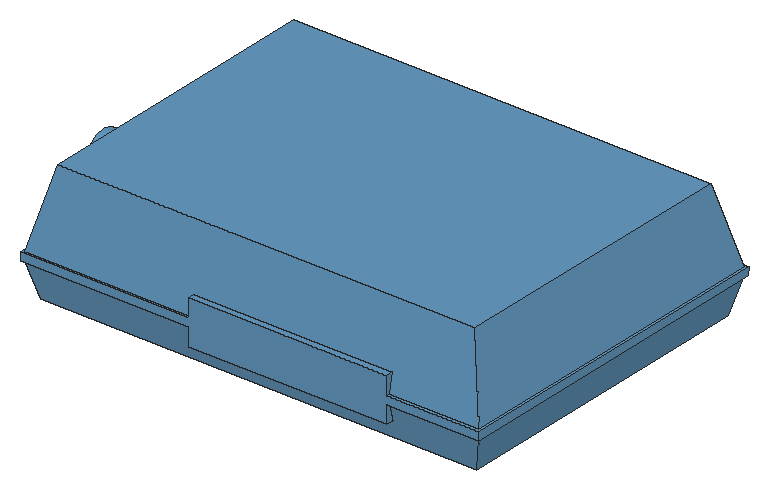
Revit family "Electrical_Equipment-Bridge_Module-HCS-NXHNB_Series", category Data Devices, host Face, Revit 2014
Parameters (values of type "NXHNB")
  Electrical Rating Input = "50mA @12/24 volts DC, supplied by room controller SmartPort"  # constant formula
  Warranty = "Five-year limited"  # constant formula
  Voltage = 24 V
  URL = "https://www.hubbell.com/hubbellcontrolsolutions/en/"
  Type Comments = "Data Devices"  # constant formula
  Network = "HubbNET, Ethernet IEEE803i, 10BASE-T, PoE Mode B"  # constant formula
  Product Page URL = "https://www.hubbell.com/hubbellcontrolsolutions/en/Products/Lighting-Controls/Lighting-Controls-Sensors/NX-Distributed-Intelligence-Lighting-Controls/NX-Network-Bridge-Module/p/220941"
  Product Documentation Link = "https://hubbellcdn.com/specsheet/3453A_NX_Network_Bridge_Module.pdf"
  Power Factor = 1
  Operating Temperature = "0° to 40°"  # constant formula
  Relative humidity = "0 to 95%"  # constant formula
  Model = "NXHNB Series"  # constant formula
  Manufacturer = "Hubbell Control Solutions"  # constant formula
  Load Classification = Other
  Keynote = ""
  Construction Housing = "GSM UL Rated 94 HB Plastic; Plenum rated Complies with requirements for use in plenum"  # constant formula
  Device Material = Hubbell - Blue
  Description = "Network Bridge Module"  # constant formula
  Default Elevation = 48.00"
  DC adjustment range = "Rated output voltage: +/-10%"  # constant formula
  Create Date = "04/17/2018"  # constant formula
  Copyright = "Copyright © Hubbell Control Solutions"  # constant formula
  Contact Us = "https://www.hubbell.com/hubbellcontrolsolutions/en/contactUs?productId=220945"
  Connector Description 2 = "Communication"  # constant formula
  Connector Description 1 = "Power Supply"  # constant formula
  Certifications = "Title 24, c UL us"  # constant formula
  Assembly Code = "D50"
  Apparent Load = 0.000 VA
  Mounting = "Mounts directly to a junction box through an extended 1/2” chase nipple, mechanical only, no electrical connection"  # constant formula
Reference planes (in)
  plane 1 "Center (Front/Back)": y = 0
  plane 2 "Bottom": z = 0
  plane 3 "Center (Left/Right)": x = 0
  plane 4: z = 1.37
  plane 5: y = 1.925
  plane 6: y = -1.925
  plane 7: x = -2.625
  plane 8: x = 2.625
  plane 9: y = 0.25
  plane 10: y = -0.25
  plane 11: x = -3.215
  plane 12: z = 0.7
  plane 13: z = 0.45
  plane 14: z = 0.2
  plane 15: x = 1.56779
  plane 16: x = -0.69783
Forms (in)
  Extrusion 1, solid, material "Hubbell - Blue" <- "Device Material"
    sketch origin (0, 0, 0.09375) x (0, -1, 0) y (1, 0, 0)
      loop
        line (-1.925, -2.625) -> (1.925, -2.625) -> (1.925, 2.625) -> (-1.925, 2.625) -> (-1.925, -2.625)
    from -0.09375 to 1.27625
  Sweep 2, void
    path origin (0, 0, 0.09375) x (0, -1, 0) y (1, 0, 0)
      loop
        line (-1.925, -2.625) -> (1.925, -2.625) -> (1.925, 2.625) -> (-1.925, 2.625) -> (-1.925, -2.625)
    profile origin (-2.625, 0, 0.09375) x (-1, 0, 0) y (0, 0, 1)
      loop
        line (-0.031, 0.40198) -> (0, 0.40198) -> (0, 1.27625) -> (-0.23754, 1.27625) -> (-0.031, 0.40198)
      loop
        line (-0.031, 0.31052) -> (-0.13254, -0.09375) -> (0, -0.09375) -> (0, 0.31052) -> (-0.031, 0.31052)
  Extrusion 3, solid, material "Hubbell - Blue" <- "Device Material"
    sketch origin (0, 0, 0) x (1, 0, 0) y (0, 0, 1)
      loop
        line (-0.69783, 0.7) -> (-0.69783, 0.2) -> (1.56779, 0.2) -> (1.56779, 0.7) -> (-0.69783, 0.7)
    from 1.68746 to 1.925
  Extrusion 4, solid, material "Hubbell - Blue" <- "Device Material"
    sketch origin (0, 0, 0) x (0, 1, 0) y (0, 0, 1)
      loop
        circle (0, 0.45) r 0.25
    from -3.215 to -2.38746
Cuts and joins
  Sweep 2 cuts Extrusion 1
  joined: Extrusion 1, Extrusion 3, Extrusion 4
Lines and regions (in)
  model lines
    curve 1: line (1.02868, -1.925, 0.58895) -> (1.02868, -1.925, 0.2601)
    curve 2: line (1.02868, -1.925, 0.2601) -> (1.52217, -1.925, 0.2601)
    curve 3: line (1.52217, -1.925, 0.2601) -> (1.52217, -1.925, 0.58895)
    curve 4: line (1.52217, -1.925, 0.58895) -> (1.44865, -1.925, 0.58895)
    curve 5: line (1.44865, -1.925, 0.62853) -> (1.42533, -1.925, 0.62853)
    curve 6: line (1.42533, -1.925, 0.62853) -> (1.42533, -1.925, 0.65059)
    curve 7: line (1.42533, -1.925, 0.65059) -> (1.12553, -1.925, 0.65059)
    curve 8: line (1.02868, -1.925, 0.58895) -> (1.10221, -1.925, 0.58895)
    curve 9: line (1.10221, -1.925, 0.58895) -> (1.10221, -1.925, 0.62853)
    curve 10: line (1.10221, -1.925, 0.62853) -> (1.12553, -1.925, 0.62853)
    curve 11: line (1.12553, -1.925, 0.62853) -> (1.12553, -1.925, 0.65059)
    curve 12: line (1.44865, -1.925, 0.58895) -> (1.44865, -1.925, 0.62853)
    curve 13: line (0.95912, -1.925, 0.58895) -> (0.95912, -1.925, 0.2601)
    curve 14: line (0.95912, -1.925, 0.2601) -> (0.46563, -1.925, 0.2601)
    curve 15: line (0.46563, -1.925, 0.2601) -> (0.46563, -1.925, 0.58895)
    curve 16: line (0.46563, -1.925, 0.58895) -> (0.53916, -1.925, 0.58895)
    curve 17: line (0.53916, -1.925, 0.62853) -> (0.56248, -1.925, 0.62853)
    curve 18: line (0.56248, -1.925, 0.62853) -> (0.56248, -1.925, 0.65059)
    curve 19: line (0.56248, -1.925, 0.65059) -> (0.86227, -1.925, 0.65059)
    curve 20: line (0.95912, -1.925, 0.58895) -> (0.88559, -1.925, 0.58895)
    curve 21: line (0.88559, -1.925, 0.58895) -> (0.88559, -1.925, 0.62853)
    curve 22: line (0.88559, -1.925, 0.62853) -> (0.86227, -1.925, 0.62853)
    curve 23: line (0.86227, -1.925, 0.62853) -> (0.86227, -1.925, 0.65059)
    curve 24: line (0.53916, -1.925, 0.58895) -> (0.53916, -1.925, 0.62853)
    curve 25: line (0.39607, -1.925, 0.58895) -> (0.39607, -1.925, 0.2601)
    curve 26: line (0.39607, -1.925, 0.2601) -> (-0.09742, -1.925, 0.2601)
    curve 27: line (-0.09742, -1.925, 0.2601) -> (-0.09742, -1.925, 0.58895)
    curve 28: line (-0.09742, -1.925, 0.58895) -> (-0.0239, -1.925, 0.58895)
    curve 29: line (-0.0239, -1.925, 0.62853) -> (-0.00058, -1.925, 0.62853)
    curve 30: line (-0.00058, -1.925, 0.62853) -> (-0.00058, -1.925, 0.65059)
    curve 31: line (-0.00058, -1.925, 0.65059) -> (0.29922, -1.925, 0.65059)
    curve 32: line (0.39607, -1.925, 0.58895) -> (0.32254, -1.925, 0.58895)
    curve 33: line (0.32254, -1.925, 0.58895) -> (0.32254, -1.925, 0.62853)
    curve 34: line (0.32254, -1.925, 0.62853) -> (0.29922, -1.925, 0.62853)
    curve 35: line (0.29922, -1.925, 0.62853) -> (0.29922, -1.925, 0.65059)
    curve 36: line (-0.0239, -1.925, 0.58895) -> (-0.0239, -1.925, 0.62853)
    curve 37: line (-0.66048, -1.925, 0.58895) -> (-0.66048, -1.925, 0.2601)
    curve 38: line (-0.66048, -1.925, 0.2601) -> (-0.16699, -1.925, 0.2601)
    curve 39: line (-0.16699, -1.925, 0.2601) -> (-0.16699, -1.925, 0.58895)
    curve 40: line (-0.16699, -1.925, 0.58895) -> (-0.24051, -1.925, 0.58895)
    curve 41: line (-0.24051, -1.925, 0.62853) -> (-0.26383, -1.925, 0.62853)
    curve 42: line (-0.26383, -1.925, 0.62853) -> (-0.26383, -1.925, 0.65059)
    curve 43: line (-0.26383, -1.925, 0.65059) -> (-0.56363, -1.925, 0.65059)
    curve 44: line (-0.66048, -1.925, 0.58895) -> (-0.58695, -1.925, 0.58895)
    curve 45: line (-0.58695, -1.925, 0.58895) -> (-0.58695, -1.925, 0.62853)
    curve 46: line (-0.58695, -1.925, 0.62853) -> (-0.56363, -1.925, 0.62853)
    curve 47: line (-0.56363, -1.925, 0.62853) -> (-0.56363, -1.925, 0.65059)
    curve 48: line (-0.24051, -1.925, 0.58895) -> (-0.24051, -1.925, 0.62853)
    curve 49: line (2.1875, 1.68746, 1.37) -> (2.1875, -1.68746, 1.37)
    curve 50: line (2.14989, 1.68746, 1.37) -> (2.14989, -1.68746, 1.37)
    curve 51: line (2.02451, 1.68746, 1.37) -> (2.02451, -1.68746, 1.37)
    curve 52: line (1.9869, 1.68746, 1.37) -> (1.9869, -1.68746, 1.37)
    curve 53: line (1.86152, 1.68746, 1.37) -> (1.86152, -1.68746, 1.37)
    curve 54: line (1.82391, 1.68746, 1.37) -> (1.82391, -1.68746, 1.37)
    curve 55: line (1.69853, 1.68746, 1.37) -> (1.69853, -1.68746, 1.37)
    curve 56: line (1.66092, 1.68746, 1.37) -> (1.66092, -1.68746, 1.37)
    curve 57: line (2.1875, 1.79246, 0) -> (2.1875, -1.79246, 0)
    curve 58: line (2.14989, 1.79246, 0) -> (2.14989, -1.79246, 0)
    curve 59: line (2.02451, 1.79246, 0) -> (2.02451, -1.79246, 0)
    curve 60: line (1.9869, 1.79246, 0) -> (1.9869, -1.79246, 0)
    curve 61: line (1.86152, 1.79246, 0) -> (1.86152, -1.79246, 0)
    curve 62: line (1.82391, 1.79246, 0) -> (1.82391, -1.79246, 0)
    curve 63: line (1.69853, 1.79246, 0) -> (1.69853, -1.79246, 0)
    curve 64: line (1.66092, 1.79246, 0) -> (1.66092, -1.79246, 0)
    curve 65: line (2.1875, -1.68746, 1.37) -> (2.1875, -1.894, 0.49573)
    curve 66: line (2.14989, -1.68746, 1.37) -> (2.14989, -1.894, 0.49573)
    curve 67: line (2.02451, -1.68746, 1.37) -> (2.02451, -1.894, 0.49573)
    curve 68: line (1.9869, -1.68746, 1.37) -> (1.9869, -1.894, 0.49573)
    curve 69: line (1.86152, -1.68746, 1.37) -> (1.86152, -1.894, 0.49573)
    curve 70: line (1.82391, -1.68746, 1.37) -> (1.82391, -1.894, 0.49573)
    curve 71: line (1.69853, -1.68746, 1.37) -> (1.69853, -1.894, 0.49573)
    curve 72: line (1.66092, -1.68746, 1.37) -> (1.66092, -1.894, 0.49573)
    curve 73: line (2.1875, -1.79246, 0) -> (2.1875, -1.894, 0.40427)
    curve 74: line (2.14989, -1.79246, 0) -> (2.14989, -1.894, 0.40427)
    curve 75: line (2.02451, -1.79246, 0) -> (2.02451, -1.894, 0.40427)
    curve 76: line (1.9869, -1.79246, 0) -> (1.9869, -1.894, 0.40427)
    curve 77: line (1.86152, -1.79246, 0) -> (1.86152, -1.894, 0.40427)
    curve 78: line (1.82391, -1.79246, 0) -> (1.82391, -1.894, 0.40427)
    curve 79: line (1.69853, -1.79246, 0) -> (1.69853, -1.894, 0.40427)
    curve 80: line (1.66092, -1.79246, 0) -> (1.66092, -1.894, 0.40427)
    curve 81: line (2.1875, 1.68746, 1.37) -> (2.1875, 1.894, 0.49573)
    curve 82: line (2.14989, 1.68746, 1.37) -> (2.14989, 1.894, 0.49573)
    curve 83: line (2.02451, 1.68746, 1.37) -> (2.02451, 1.894, 0.49573)
    curve 84: line (1.9869, 1.68746, 1.37) -> (1.9869, 1.894, 0.49573)
    curve 85: line (1.86152, 1.68746, 1.37) -> (1.86152, 1.894, 0.49573)
    curve 86: line (1.82391, 1.68746, 1.37) -> (1.82391, 1.894, 0.49573)
    curve 87: line (1.69853, 1.68746, 1.37) -> (1.69853, 1.894, 0.49573)
    curve 88: line (1.66092, 1.68746, 1.37) -> (1.66092, 1.894, 0.49573)
    curve 89: line (2.1875, 1.79246, 0) -> (2.1875, 1.894, 0.40427)
    curve 90: line (2.14989, 1.79246, 0) -> (2.14989, 1.894, 0.40427)
    curve 91: line (2.02451, 1.79246, 0) -> (2.02451, 1.894, 0.40427)
    curve 92: line (1.9869, 1.79246, 0) -> (1.9869, 1.894, 0.40427)
    curve 93: line (1.86152, 1.79246, 0) -> (1.86152, 1.894, 0.40427)
    curve 94: line (1.82391, 1.79246, 0) -> (1.82391, 1.894, 0.40427)
    curve 95: line (1.69853, 1.79246, 0) -> (1.69853, 1.894, 0.40427)
    curve 96: line (1.66092, 1.79246, 0) -> (1.66092, 1.894, 0.40427)
Dimensions and locks (in)
  equal spacing: plane 7, plane 3 "Center (Left/Right)", plane 8, locked at 2.625 each
  equal spacing: plane 10, plane 1 "Center (Front/Back)", plane 9
  equal spacing: plane 5, plane 1 "Center (Front/Back)", plane 6
  plane 4 to plane 2 "Bottom" = 1.37"
  locked: plane 7 to plane 8 at 5.25
  locked: plane 6 to plane 5 at 3.85
  locked: plane 9 to plane 10 at 0.5
  locked: plane 11 to plane 8 at 5.84
  equal spacing: plane 12, plane 13, plane 14, locked at 0.25 each
  locked: plane 4 to plane 2 "Bottom" at 1.37
  aligned and locked: plane 2 "Bottom" to host face
  aligned and locked: level to host face
  aligned and locked: Extrusion 1 sketch curve to plane 7
  aligned and locked: Extrusion 1 sketch curve to plane 6
  aligned and locked: Extrusion 1 sketch curve to plane 8
  aligned and locked: Extrusion 1 sketch curve to plane 5
  aligned and locked: Extrusion 1 to plane 2 "Bottom"
  aligned and locked: plane 4 to Extrusion 1
  aligned and locked: Sweep 2 sketch curve to Extrusion 1  (x4)
  aligned and locked: Extrusion 3 sketch curve to plane 12
  aligned and locked: plane 14 to Extrusion 3 sketch curve
  aligned and locked: plane 15 to Extrusion 3 sketch curve
  aligned and locked: plane 6 to Extrusion 3
  aligned and locked: plane 16 to Extrusion 3 sketch curve
  aligned and locked: plane 1 "Center (Front/Back)" to Extrusion 4 sketch curve
  aligned and locked: plane 13 to Extrusion 4 sketch curve
  aligned and locked: plane 11 to Extrusion 4
  aligned and locked: Sweep 2 to Extrusion 4
  aligned and locked: Sweep 2 to Extrusion 3
Automatic sketch dimensions
  host sketch curve to host sketch curve = 96.00"  (x2)
  Sweep 2 sketch curve to profile plane = 0.00"  (x2)
  Sweep 2 sketch curve to Sweep 2 sketch curve = 0.031"  (x2)
  Sweep 2 sketch curve to Sweep 2 sketch curve = 0.13254"
  Sweep 2 sketch curve to Sweep 2 sketch curve = 0.23754"
  Sweep 2 sketch curve to profile plane = 0.09375"
  profile plane to Sweep 2 sketch curve = 0.31052"
  Sweep 2 sketch curve to Sweep 2 sketch curve = 0.09145"
  Sweep 2 sketch curve to Sweep 2 sketch curve = 0.87427"
  curve 4 to Extrusion 1 = 1.10283"
  curve 3 to curve 12 = 0.07353"
  curve 5 to curve 7 = 0.02332"
  curve 6 to curve 7 = 0.2998"
  curve 10 to curve 9 = 0.02332"
  curve 8 to curve 8 = 0.07353"
  curve 1 to curve 13 = 0.06956"
  curve 13 to curve 20 = 0.07353"
  curve 21 to curve 23 = 0.02332"
  curve 19 to curve 18 = 0.2998"
  curve 17 to curve 16 = 0.02332"
  curve 16 to curve 15 = 0.07353"
  curve 15 to curve 25 = 0.06956"
  curve 25 to curve 34 = 0.07353"
  curve 33 to curve 35 = 0.02332"
  curve 34 to curve 30 = 0.2998"
  curve 29 to curve 28 = 0.02332"
  curve 28 to curve 28 = 0.07353"
  curve 27 to curve 39 = 0.06956"
  curve 39 to curve 48 = 0.07353"
  curve 41 to curve 41 = 0.02332"
  curve 42 to curve 47 = 0.2998"
  curve 46 to curve 44 = 0.02332"
  curve 44 to curve 44 = 0.07353"
  Extrusion 1 to curve 43 = 0.65059"
  Extrusion 1 to curve 19 = 0.65059"
  curve 35 to curve 18 = 0.00"
  curve 6 to curve 19 = 0.00"
  curve 31 to curve 34 = 0.02206"
  curve 7 to curve 9 = 0.02206"
  curve 6 to curve 6 = 0.02206"
  curve 43 to curve 46 = 0.02206"
  curve 30 to curve 30 = 0.02206"
  curve 18 to curve 17 = 0.02206"
  curve 42 to curve 42 = 0.02206"
  curve 19 to curve 21 = 0.02206"
  curve 33 to curve 25 = 0.03958"
  curve 45 to curve 44 = 0.03958"
  curve 17 to curve 24 = 0.03958"
  curve 21 to curve 21 = 0.03958"
  curve 29 to curve 27 = 0.03958"
  curve 5 to curve 12 = 0.03958"
  curve 9 to curve 9 = 0.03958"
  curve 41 to curve 48 = 0.03958"
  Extrusion 1 to curve 38 = 0.2601"
  curve 27 to curve 38 = 0.00"
  curve 15 to curve 25 = 0.00"
  Extrusion 1 to curve 3 = 0.2601"
  curve 49 to Extrusion 1 = 0.23754"
  curve 56 to Extrusion 1 = 0.23754"
  curve 56 to Extrusion 1 = 0.96408"
  curve 50 to curve 49 = 0.00"  (x2)
  curve 56 to curve 55 = 0.00"  (x2)
  curve 51 to curve 50 = 0.00"  (x2)
  curve 55 to curve 54 = 0.00"  (x2)
  curve 52 to curve 51 = 0.00"  (x2)
  curve 54 to curve 53 = 0.00"  (x2)
  curve 53 to Extrusion 1 = 0.23754"
  curve 53 to curve 51 = 0.00"
  curve 56 to curve 55 = 0.03761"
  curve 55 to curve 54 = 0.12538"
  curve 54 to curve 53 = 0.03761"
  curve 53 to curve 52 = 0.12538"
  curve 52 to curve 51 = 0.03761"
  curve 51 to curve 50 = 0.12538"
  curve 50 to curve 49 = 0.03761"
  Extrusion 1 to curve 57 = 0.13254"
  Extrusion 1 to curve 64 = 0.13254"
  Extrusion 1 to curve 64 = 0.96408"
  curve 58 to curve 57 = 0.00"  (x2)
  curve 64 to curve 63 = 0.00"  (x2)
  curve 59 to curve 58 = 0.00"  (x2)
  curve 63 to curve 62 = 0.00"  (x2)
  curve 60 to curve 59 = 0.00"  (x2)
  curve 62 to curve 61 = 0.00"  (x2)
  Extrusion 1 to curve 61 = 0.13254"
  Extrusion 1 to curve 59 = 0.13254"
  curve 64 to curve 63 = 0.03761"
  curve 63 to curve 62 = 0.12538"
  curve 62 to curve 61 = 0.03761"
  curve 61 to curve 60 = 0.12538"
  curve 60 to curve 59 = 0.03761"
  curve 59 to curve 58 = 0.12538"
  curve 58 to curve 57 = 0.03761"
  curve 65 to plane 8 = 0.4375"
  curve 72 to curve 65 = 0.00"
  curve 66 to curve 65 = 0.00"  (x2)
  curve 72 to curve 71 = 0.00"  (x2)
  curve 67 to curve 66 = 0.00"  (x2)
  curve 71 to curve 70 = 0.00"  (x2)
  curve 68 to curve 67 = 0.00"  (x2)
  curve 70 to curve 69 = 0.00"  (x2)
  curve 69 to curve 69 = 0.89834"
  curve 69 to curve 67 = 0.00"
  curve 65 to curve 66 = 0.03761"
  curve 66 to curve 67 = 0.12538"
  curve 67 to curve 68 = 0.03761"
  curve 68 to curve 69 = 0.12538"
  curve 69 to curve 70 = 0.03761"
  curve 70 to curve 71 = 0.12538"
  curve 71 to curve 72 = 0.03761"
  curve 73 to plane 8 = 0.4375"
  curve 80 to curve 73 = 0.00"
  curve 74 to curve 73 = 0.00"  (x2)
  curve 80 to curve 79 = 0.00"  (x2)
  curve 75 to curve 74 = 0.00"  (x2)
  curve 79 to curve 78 = 0.00"  (x2)
  curve 76 to curve 75 = 0.00"  (x2)
  curve 78 to curve 77 = 0.00"  (x2)
  curve 77 to curve 77 = 0.41683"
  curve 77 to curve 75 = 0.00"
  curve 74 to curve 73 = 0.03761"
  curve 75 to curve 74 = 0.12538"
  curve 76 to curve 75 = 0.03761"
  curve 77 to curve 76 = 0.12538"
  curve 78 to curve 77 = 0.03761"
  curve 79 to curve 78 = 0.12538"
  curve 80 to curve 79 = 0.03761"
  curve 81 to plane 8 = 0.4375"
  curve 88 to curve 81 = 0.00"
  curve 82 to curve 81 = 0.00"  (x2)
  curve 88 to curve 87 = 0.00"  (x2)
  curve 83 to curve 82 = 0.00"  (x2)
  curve 87 to curve 86 = 0.00"  (x2)
  curve 84 to curve 83 = 0.00"  (x2)
  curve 86 to curve 85 = 0.00"  (x2)
  curve 85 to curve 85 = 0.89834"
  curve 85 to curve 83 = 0.00"
  curve 82 to curve 81 = 0.03761"
  curve 83 to curve 82 = 0.12538"
  curve 84 to curve 83 = 0.03761"
  curve 85 to curve 84 = 0.12538"
  curve 86 to curve 85 = 0.03761"
  curve 87 to curve 86 = 0.12538"
  curve 88 to curve 87 = 0.03761"
  curve 89 to plane 8 = 0.4375"
  curve 96 to curve 89 = 0.00"
  curve 90 to curve 89 = 0.00"  (x2)
  curve 96 to curve 95 = 0.00"  (x2)
  curve 91 to curve 90 = 0.00"  (x2)
  curve 95 to curve 94 = 0.00"  (x2)
  curve 92 to curve 91 = 0.00"  (x2)
  curve 94 to curve 93 = 0.00"  (x2)
  curve 93 to curve 93 = 0.41683"
  curve 93 to curve 91 = 0.00"
  curve 89 to curve 90 = 0.03761"
  curve 90 to curve 91 = 0.12538"
  curve 91 to curve 92 = 0.03761"
  curve 92 to curve 93 = 0.12538"
  curve 93 to curve 94 = 0.03761"
  curve 94 to curve 95 = 0.12538"
  curve 95 to curve 96 = 0.03761"
  radius of Extrusion 4 sketch curve = 0.25"
Connectors (in)
  electrical at (0, 0, 0), driven by "Load Classification", driven by "Apparent Load", driven by "Power Factor", driven by "Connector Description 1", driven by "Voltage"
    settings: on cut or joined group of Extrusion 1, Sweep 2, Extrusion 3, Extrusion 4, index 1, voltage 24 V, apparent load 0.000 VA, apparent load phase1 0.000 VA, apparent load phase2 0.000 VA, apparent load phase3 0.000 VA, power factor 1, load classification "Other", number of poles 1, system type 30, power factor state 1, is connector primary yes, connector utility no, sub classification motor no, connector description "Power Supply"
  electrical at (0, 0, 0), driven by "Connector Description 2"
    settings: on cut or joined group of Extrusion 1, Sweep 2, Extrusion 3, Extrusion 4, index 2, voltage 0 V, apparent load 0.000 VA, apparent load phase1 0.000 VA, apparent load phase2 0.000 VA, apparent load phase3 0.000 VA, power factor 1, load classification "Other", number of poles 1, system type 14, power factor state 1, is connector primary no, connector utility no, sub classification motor no, connector description "Communication"
  cabletrayconduit at (-3.215, 0, 0.45), diameter 0.5
    settings: on cut or joined group of Extrusion 1, Sweep 2, Extrusion 3, Extrusion 4, index 3, connector width 12.00", connector height 12.00", connector angle 0.00°, system type 32, placement type 0, profile type 0, connector reference index -1, is primary connector yes, connector utility param no, connector description "Conduit Connector"
